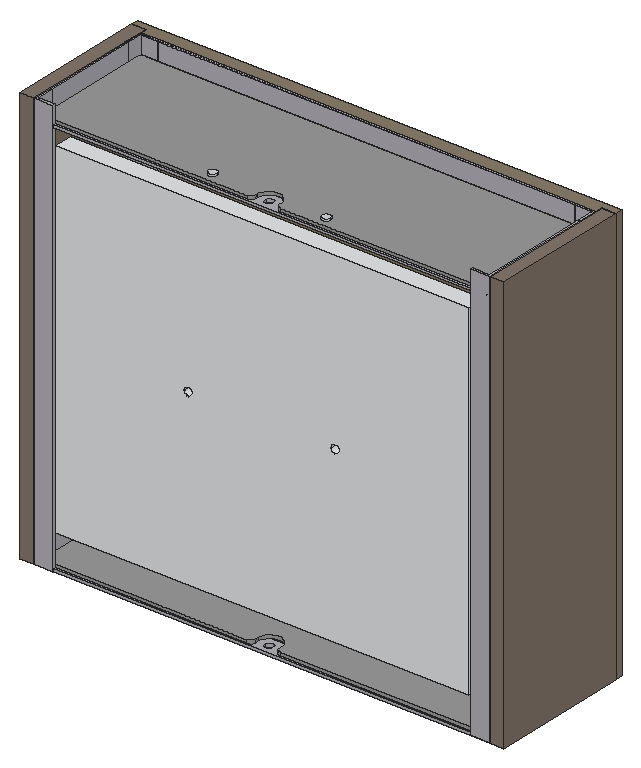
Revit family "Lighting - Lumetta - Sconce - W1210A", category Lighting Fixtures, host Wall, Revit 2015
Parameters
  Wattage = 12.1178 W
  W1112A URL [instance] = "https://lumetta.com/luminaires/linear-acoustic-wall-sconce/"
  built-in parameter 1150110 = 1 (stored number, unit not read)
  URL = "https://lumetta.com/luminaires/linear-acoustic-wall-sconce/"
  built-in parameter 1114217 = 1 (stored number, unit not read)
  Top Lens-Material [instance] = Acrylic - 2447 - White
  Top Lens [instance] = yes
  built-in parameter 1150109 = 1 (stored number, unit not read)
  built-in parameter 1150134 = (empty or 0)
  built-in parameter 1150113 = 1 (stored number, unit not read)
  Model = "W1112A"  # constant formula
  Manufacturer = "Lumetta, Inc."  # constant formula
  Lumens = 1800 lm
  built-in parameter 1150115 = 1 (stored number, unit not read)
  built-in parameter 1150105 = 143.24 (stored number, unit not read)
  Light Source Symbol Size = 0' - 3 1/2"
  built-in parameter 1150137 = (empty or 0)
  built-in parameter 1150139 = (empty or 0)
  built-in parameter 1150112 = 1 (stored number, unit not read)
  built-in parameter 1150114 = 1 (stored number, unit not read)
  built-in parameter 1150132 = 2
  built-in parameter 1150102 = (empty or 0)
  built-in parameter 1150138 = (empty or 0)
  built-in parameter 1150107 = 3000 (stored number, unit not read)
  built-in parameter 1150106 = 1.4324 (stored number, unit not read)
  Frame Finish [instance] = Paint - Lumetta - F02 - PC_Chrome
  built-in parameter 1150104 = 13.8 (stored number, unit not read)
  Dimming Lamp Color Temperature Shift = (empty or 0)
  Diffuser Material-Shade2 [instance] = Shade - Lumetta - D807-AC-Pumpkin
  Diffuser Material-Shade1 [instance] = Shade - Lumetta - D806-AC-Yellow
  Description = "Linear Acoustic Box 12'' Sconce"  # constant formula
  Color Filter = 16777215
  Bottom Lens-Material [instance] = Acrylic - P95 - Etched White
  Bottom Lens [instance] = yes
  built-in parameter 1114218 = 1 (stored number, unit not read)
  built-in parameter 1150133 = 10 (stored number, unit not read)
Reference planes (in)
  plane 1: y = 0
  plane 2 "Light Source Axis (F/B)": y = 4
  plane 3 "Light Source Axis (L/R)": x = -1.43133
  plane 4 "Light Source Elevation": z = 77.42225
  plane 5 "Sconce-BTM": z = 71.92225
  plane 6 "Sconce-TOP": z = 82.92225
  plane 7 "Wall-Face": y = 3.0625
  plane 8 "1st-Wire": z = 75.7035
  plane 9 "2nd-Wire": z = 79.2035
Forms (in)
  Extrusion 1, solid, material "Paint - Lumetta - F11 - PC_White"
    sketch origin (0, 3.0625, 0) x (-1, 0, 0) y (0, 0, 1)
      loop
        line (-4.00617, 81.98475) -> (-4.00617, 72.85975) -> (6.86883, 72.85975) -> (6.86883, 81.98475) -> (-4.00617, 81.98475)
      loop
        circle (3.36883, 77.42225) r 0.11
      loop
        circle (-0.50617, 77.42225) r 0.1111
    from 0 to 0.5
  Extrusion 2, void
    sketch origin (0, 0, 82.92225) x (0, 1, 0) y (-1, 0, 0)
      loop
        circle (3.3125, 1.43133) r 0.10902
      loop
        circle (3.3125, -0.06867) r 0.0625
      loop
        circle (3.3125, 2.93133) r 0.0625
    from -10.70632 to -0.32804
  Extrusion 3, solid
    sketch origin (0, 0, 82.92225) x (0, 1, 0) y (-1, 0, 0)
      loop
        circle (3.3125, -0.06867) r 0.10925
      loop
        circle (3.3125, 2.93133) r 0.10906
    from -0.3125 to -0.28125
  Extrusion 4, solid, material "Paint - Lumetta - F02 - PC_Chrome" <- "Frame Finish"
    sketch origin (0, 0, 82.92225) x (0, 1, 0) y (-1, 0, 0)
      loop
        line (3.5625, -4.50617) -> (3.125, -4.50617) -> (3.125, -4.06867) -> (3.0625, -4.06867) -> (3.0625, -4.56867) -> (3.5625, -4.56867) -> (3.5625, -4.50617)
      loop
        line (6.5625, -4.56867) -> (6.5625, -4.06867) -> (6.5, -4.06867) -> (6.5, -4.50617) -> (6.0625, -4.50617) -> (6.0625, -4.56867) -> (6.5625, -4.56867)
      loop
        line (3.5625, 7.36883) -> (3.5625, 7.43133) -> (3.0625, 7.43133) -> (3.0625, 6.93133) -> (3.125, 6.93133) -> (3.125, 7.36883) -> (3.5625, 7.36883)
      loop
        line (6.5625, 7.43133) -> (6.0625, 7.43133) -> (6.0625, 7.36883) -> (6.5, 7.36883) -> (6.5, 6.93133) -> (6.5625, 6.93133) -> (6.5625, 7.43133)
    from -11 to 0
  Extrusion 5, solid, material "Paint - Lumetta - F02 - PC_Chrome" <- "Frame Finish"
    sketch origin (0, 0, 82.92225) x (0, 1, 0) y (-1, 0, 0)
      loop
        line (6.5625, 7.43133) -> (3.0625, 7.43133) -> (3.0625, -4.56867) -> (6.5625, -4.56867) -> (6.5625, 7.43133)
      loop
        line (6.0625, 6.93133) -> (3.5625, 6.93133) -> (3.5625, -4.06867) -> (6.0625, -4.06867) -> (6.0625, 6.93133)
      loop
        circle (3.3125, 1.43133) r 0.10938
    from -0.44911 to -0.50736
  Extrusion 6, solid, material "Paint - Lumetta - F02 - PC_Chrome" <- "Frame Finish"
    sketch origin (0, 0, 71.92225) x (0, 1, 0) y (-1, 0, 0)
      loop
        line (6.5625, 7.43133) -> (3.0625, 7.43133) -> (3.0625, -4.56867) -> (6.5625, -4.56867) -> (6.5625, 7.43133)
      loop
        circle (3.29694, 1.43133) r 0.10938
      loop
        line (3.5625, 6.93133) -> (3.5625, -4.06867) -> (6.0625, -4.06867) -> (6.0625, 6.93133) -> (3.5625, 6.93133)
    from 0 to 0.06903
  Extrusion 7, solid, material "Paint - Lumetta - F02 - PC_Chrome" <- "Frame Finish"
    sketch origin (0, 0, 71.92225) x (0, 1, 0) y (-1, 0, 0)
      loop
        line (6.0625, 7.43133) -> (3.5625, 7.43133) -> (3.5625, 7.36883) -> (6.0625, 7.36883) -> (6.0625, 7.43133)
      loop
        line (6.5625, 6.93133) -> (6.5, 6.93133) -> (6.5, -4.06867) -> (6.5625, -4.06867) -> (6.5625, 6.93133)
      loop
        line (6.0625, -4.50617) -> (3.5625, -4.50617) -> (3.5625, -4.56867) -> (6.0625, -4.56867) -> (6.0625, -4.50617)
    from 0 to 0.50561
  Extrusion 8, solid, material "Paint - Lumetta - F02 - PC_Chrome" <- "Frame Finish"
    sketch origin (0, 0, 82.92225) x (0, 1, 0) y (-1, 0, 0)
      loop
        line (6.0625, 7.43133) -> (3.5625, 7.43133) -> (3.5625, 7.36883) -> (6.0625, 7.36883) -> (6.0625, 7.43133)
      loop
        line (6.5625, 6.93133) -> (6.5, 6.93133) -> (6.5, -4.06867) -> (6.5625, -4.06867) -> (6.5625, 6.93133)
      loop
        line (6.0625, -4.50617) -> (3.5625, -4.50617) -> (3.5625, -4.56867) -> (6.0625, -4.56867) -> (6.0625, -4.50617)
    from 0 to -0.50736
  Extrusion 9, solid, material "Acrylic - 2447 - White" <- "Top Lens-Material", visible <- "Top Lens"
    sketch origin (0, 0, 82.92225) x (0, 1, 0) y (-1, 0, 0)
      loop
        arc (6.38153, 7.15008) -> (6.34492, 7.23846) -> (6.25653, 7.27508) r 0.125
        line (6.25653, 7.27508) -> (3.25653, 7.27508)
        arc (3.25653, 7.27508) -> (3.16814, 7.23846) -> (3.13153, 7.15008) r 0.125
        line (3.13153, 7.15008) -> (3.13153, 1.86883)
        arc (3.13153, 1.86883) -> (3.16814, 1.78044) -> (3.25653, 1.74383) r 0.125
        line (3.25653, 1.74383) -> (3.28778, 1.74383)
        arc (3.28778, 1.74383) -> (3.60028, 1.43133) -> (3.28778, 1.11883) r 0.3125
        line (3.28778, 1.11883) -> (3.25653, 1.11883)
        arc (3.25653, 1.11883) -> (3.16814, 1.08221) -> (3.13153, 0.99383) r 0.125
        line (3.13153, 0.99383) -> (3.13153, -4.28742)
        arc (3.13153, -4.28742) -> (3.16814, -4.37581) -> (3.25653, -4.41242) r 0.125
        line (3.25653, -4.41242) -> (6.25653, -4.41242)
        arc (6.25653, -4.41242) -> (6.34492, -4.37581) -> (6.38153, -4.28742) r 0.125
        line (6.38153, -4.28742) -> (6.38153, 7.15008)
    from -0.44911 to -0.37611
  Extrusion 10, solid, material "Acrylic - P95 - Etched White" <- "Bottom Lens-Material", visible <- "Bottom Lens"
    sketch origin (0, 0, 71.92225) x (0, 1, 0) y (-1, 0, 0)
      loop
        arc (6.375, 7.15008) -> (6.33839, 7.23846) -> (6.25, 7.27508) r 0.125
        line (6.25, 7.27508) -> (3.25, 7.27508)
        arc (3.25, 7.27508) -> (3.16161, 7.23846) -> (3.125, 7.15008) r 0.125
        line (3.125, 7.15008) -> (3.125, 1.86883)
        arc (3.125, 1.86883) -> (3.16161, 1.78044) -> (3.25, 1.74383) r 0.125
        line (3.25, 1.74383) -> (3.3224, 1.74383)
        arc (3.3224, 1.74383) -> (3.6349, 1.43133) -> (3.3224, 1.11883) r 0.3125
        line (3.3224, 1.11883) -> (3.25, 1.11883)
        arc (3.25, 1.11883) -> (3.16161, 1.08221) -> (3.125, 0.99383) r 0.125
        line (3.125, 0.99383) -> (3.125, -4.28742)
        arc (3.125, -4.28742) -> (3.16161, -4.37581) -> (3.25, -4.41242) r 0.125
        line (3.25, -4.41242) -> (6.25, -4.41242)
        arc (6.25, -4.41242) -> (6.33839, -4.37581) -> (6.375, -4.28742) r 0.125
        line (6.375, -4.28742) -> (6.375, 7.15008)
    from 0.06903 to 0.14553
  Extrusion 11, solid, material "Shade - Lumetta - D806-AC-Yellow" <- "Diffuser Material-Shade1"
    sketch origin (0, 0, 82.92225) x (0, 1, 0) y (-1, 0, 0)
      loop
        line (6.9375, 7.80633) -> (6.75, 7.80633) -> (6.75, 7.43133) -> (6.5625, 7.43133) -> (6.5625, -4.56867) -> (6.75, -4.56867) -> (6.75, -4.94367) -> (6.9375, -4.94367) -> (6.9375, 7.80633)
    from 0 to -11
  Extrusion 12, solid, material "Shade - Lumetta - D807-AC-Pumpkin" <- "Diffuser Material-Shade2"
    sketch origin (0, 0, 82.92225) x (0, 1, 0) y (-1, 0, 0)
      loop
        line (6.75, 7.80633) -> (3.0625, 7.80633) -> (3.0625, 7.43133) -> (6.75, 7.43133) -> (6.75, 7.80633)
      loop
        line (6.75, -4.94367) -> (6.75, -4.56867) -> (3.0625, -4.56867) -> (3.0625, -4.94367) -> (6.75, -4.94367)
    from -11 to 0
Text (in)
  text "Placement Side" at (0, 40.15149, 123.01588), in view "Right"
  text "Placement Side" at (-70.3804, 28.46503, 0), in view "Ref. Level"
  text "Placement Side" at (0, 85.69064, 140.59947), in view "Left"
Dimensions and locks (in)
  plane 4 "Light Source Elevation" to plane 6 "Sconce-TOP" = 0' - 5 1/2"
  plane 5 "Sconce-BTM" to plane 4 "Light Source Elevation" = 0' - 5 1/2"  (x2)
  plane 6 "Sconce-TOP" to plane 4 "Light Source Elevation" = 0' - 5 1/2"
  locked: plane 3 "Light Source Axis (L/R)" to Extrusion 1 sketch curve at 5.4375
  locked: Extrusion 1 sketch curve to Extrusion 1 sketch curve at 10.875
  locked: plane 4 "Light Source Elevation" to Extrusion 1 sketch curve at 4.5625
  locked: Extrusion 1 sketch curve to Extrusion 1 sketch curve at 9.125
  Extrusion 1 sketch curve to imposter light = 0' - 1 15/16"
  imposter light to Extrusion 1 sketch curve = 0' - 1 15/16"
  locked: Extrusion 3 sketch curve to plane 7 "Wall-Face" at 0.25  (x2)
  locked: plane 3 "Light Source Axis (L/R)" to Extrusion 3 sketch curve at 1.5
  locked: Extrusion 3 sketch curve to plane 3 "Light Source Axis (L/R)" at 1.5
  locked: Extrusion 2 sketch curve to plane 7 "Wall-Face" at 0.25  (x3)
  locked: plane 3 "Light Source Axis (L/R)" to Extrusion 2 sketch curve at 1.5
  locked: Extrusion 2 sketch curve to plane 3 "Light Source Axis (L/R)" at 1.5
  locked: Extrusion 4 sketch curve to Extrusion 4 sketch curve at 0.0625  (x8)
  locked: Extrusion 4 sketch curve to Extrusion 4 sketch curve at 0.5  (x8)
  locked: Extrusion 4 sketch curve to Extrusion 1 at 0
  imposter light to Extrusion 4 sketch curve = 0' - 6"
  locked: plane 3 "Light Source Axis (L/R)" to Extrusion 4 sketch curve at 6
  Extrusion 4 sketch curve to Extrusion 4 sketch curve = 0' - 3 1/2"
  locked: Extrusion 5 sketch curve to plane 3 "Light Source Axis (L/R)" at 0
  locked: Extrusion 5 sketch curve to Extrusion 5 sketch curve at 0.25
  locked: Extrusion 1 to Extrusion 5 sketch curve at 3.5
  locked: Extrusion 5 sketch curve to Extrusion 1
  locked: Extrusion 5 sketch curve to Extrusion 5 sketch curve at 12
  locked: imposter light to Extrusion 5 sketch curve at 6
  locked: Extrusion 5 to plane 6 "Sconce-TOP" at 0.44911
  locked: Extrusion 5 to Extrusion 5 at 0.05825
  locked: Extrusion 6 sketch curve to imposter light at 0
  locked: Extrusion 5 to Extrusion 6 sketch curve at 0.23444
  locked: Extrusion 6 sketch curve to Extrusion 6 sketch curve at 12
  locked: Extrusion 6 sketch curve to Extrusion 6 sketch curve at 3.5
  locked: plane 3 "Light Source Axis (L/R)" to Extrusion 6 sketch curve at 6
  locked: Extrusion 6 sketch curve to plane 7 "Wall-Face" at 0
  locked: Extrusion 6 to Extrusion 6 at 0.06903
  locked: plane 5 "Sconce-BTM" to Extrusion 7 at 0.50561
  locked: Extrusion 9 sketch curve to Extrusion 9 sketch curve at 11.6875
  locked: Extrusion 9 sketch curve to Extrusion 9 sketch curve at 5.84375
  locked: Extrusion 9 sketch curve to Extrusion 9 sketch curve at 3.25
  Extrusion 9 sketch curve to Extrusion 9 sketch curve = 0' - 3 1/4"
  imposter light to Extrusion 9 sketch curve = 0' - 5 27/32"
  locked: Extrusion 1 to Extrusion 9 sketch curve at 0.06903
  locked: Extrusion 9 to Extrusion 9 at 0.073
  locked: Extrusion 10 sketch curve to Extrusion 10 sketch curve at 11.6875
  locked: Extrusion 10 sketch curve to Extrusion 10 sketch curve at 5.84375
  locked: Extrusion 10 sketch curve to Extrusion 10 sketch curve at 3.25  (x2)
  locked: Extrusion 1 to Extrusion 10 sketch curve at 0.0625
  locked: imposter light to Extrusion 9 at 5.84375
  locked: Extrusion 10 to Extrusion 10 at 0.0765
  locked: Extrusion 11 sketch curve to Extrusion 11 sketch curve at 0.1875  (x2)
  locked: Extrusion 11 sketch curve to Extrusion 11 sketch curve at 0.375  (x3)
  locked: Extrusion 6 to Extrusion 11 sketch curve  (x2)
  locked: Extrusion 11 sketch curve to Extrusion 6
  locked: Extrusion 12 sketch curve to Extrusion 12 sketch curve at 0.375  (x3)
  locked: Extrusion 12 sketch curve to Extrusion 11 at 3.6875  (x2)
  locked: Extrusion 12 sketch curve to plane 7 "Wall-Face" at 0  (x2)
  aligned: level to host wall
  aligned and locked: plane 3 "Light Source Axis (L/R)" to imposter light
  aligned and locked: plane 2 "Light Source Axis (F/B)" to imposter light
  aligned and locked: plane 4 "Light Source Elevation" to imposter light
  aligned and locked: host wall to plane 7 "Wall-Face"
  aligned and locked: Extrusion 4 to plane 5 "Sconce-BTM"
  aligned and locked: plane 6 "Sconce-TOP" to Extrusion 4
  aligned and locked: Extrusion 6 to plane 5 "Sconce-BTM"
  aligned and locked: Extrusion 8 to plane 6 "Sconce-TOP"
  aligned and locked: Extrusion 8 to Extrusion 5
  aligned and locked: Extrusion 7 to plane 5 "Sconce-BTM"
  aligned and locked: Extrusion 9 to Extrusion 5
  aligned and locked: Extrusion 10 to Extrusion 6
  aligned and locked: Extrusion 11 to plane 5 "Sconce-BTM"
  aligned and locked: plane 6 "Sconce-TOP" to Extrusion 11
  aligned and locked: Extrusion 12 to plane 5 "Sconce-BTM"
  aligned and locked: plane 6 "Sconce-TOP" to Extrusion 12
